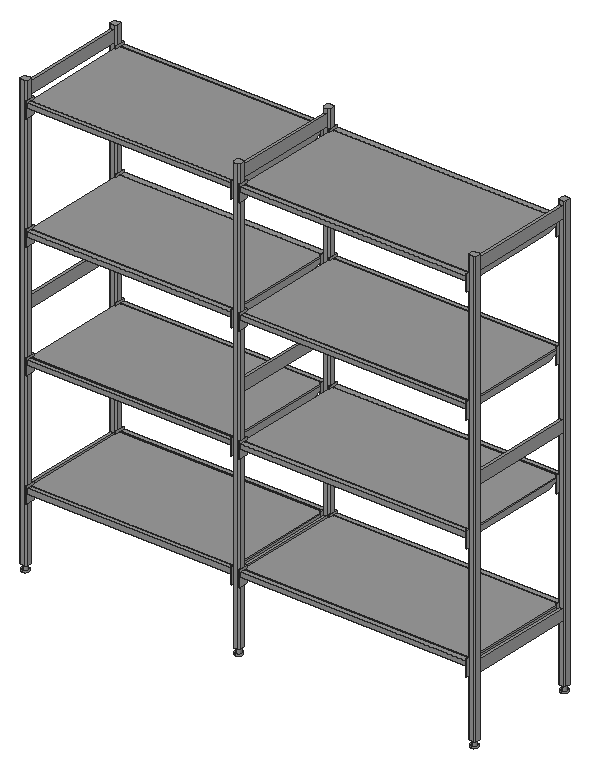
Revit family "QF_ELECTROLUXPROFESSIONAL_137041_BLS1784", category Attrezzature speciali, Revit 2020
Family settings
  Quota connettore circolare = Usa diametro
  Tipo di parte = Normale
  Basato su piano di lavoro = No
  Sempre verticale = Sì
  Taglio con vuoti quando caricato = No
  Condiviso = No
  Punto di calcolo locali = No
Parameters (values of type "Standard")
  Weight = 35.00 kg
  Watts = 0 W
  Volts = 0 V
  URL Manufacturer = "https://www.electroluxprofessional.com/"
  URL = "https://www.electroluxprofessional.com/"
  Steam Supply Size = 0 mm
  Steam Supply Minimum Pressure = 0.0 Pa
  Steam Supply Maximum Pressure = 0.0 Pa
  Steam Consumption per Hour = 0
  Refrigeration Suction Line Size = 0.0 mm
  Refrigeration Liquid Line Size = 0.0 mm
  Refrigerant Compressor Remote = yes
  Prospetto di default = 0.0 mm
  Phase = 0
  Modello = "BLS1784"
  Produttore = "Electrolux Professional"
  Length Actual = 1784.0 mm  # constant formula
  Item Number = "137041"
  Hot Water Size = 0 mm
  Height Actual = 1700.0 mm  # constant formula
  HP = "0 HP"
  Gas Size = 0 mm
  Gas KW = 0
  Gas Input Pressure = 0 W
  Direct Waste Size = 0 mm
  Descrizione = "ALUM.LINEAR SHELV.-POLY.TIERS-475X1784MM"
  Depth Actual = 475.0 mm  # constant formula
  Cycle = 0 Hz
  Condensate Return Size = 0 mm
  Compressed Air Volume = 0.0 L/s
  Compressed Air Size = 0 mm
  Compressed Air Pressure = 0.0 Pa
  Cold Water Size = 0 mm
  Accessory = yes
Reference planes
  plane 1: z = 0
  plane 2 "CenterLeft": x = -31
  plane 3 "LEFT": x = -417
  plane 4 "BACK": y = 23
  plane 5 "FRONT": y = -452
  plane 6 "TOP": z = 1700
  plane 7: x = -385
  plane 8: x = 413
  plane 9 "Center (Front/Back)": y = -214.5
  plane 10: y = -8.5
  plane 11: y = -420.5
  plane 12 "FEET": z = 25
  plane 13: z = 275
  plane 14: z = 725
  plane 15: z = 1175
  plane 16: z = 1625
  plane 17 "CXLeft": x = -403
  plane 18 "Center (Left/Right)": x = 431
  plane 19: y = 5.5
  plane 20 "CYBack": y = 5.5
  plane 21 "CYFront": y = -434.5
  plane 22 "RIGHT": x = 1367
  plane 23: x = 1335
  plane 24 "CXRight": x = 1353
  plane 25: x = 449
Forms (mm)
  Extrusion 1, solid, material "QF_Aluminum"
    sketch origin (-417, 0, -4.006) x (0, 1, 0) y (0, 0, 1)
      loop
        line (-12, 1637.003) -> (4, 1637.003) -> (4, 1655) -> (2.007, 1655) -> (2.007, 1648.501) -> (-431, 1648.501) -> (-431, 1655) -> (-433, 1655) -> (-433, 1637.003) -> (-417, 1637.003) -> (-383, 1625) -> (-46, 1625) -> (-12, 1637.003)
      loop
        line (-12, 1187.003) -> (4, 1187.003) -> (4, 1205) -> (2.007, 1205) -> (2.007, 1198.501) -> (-431, 1198.501) -> (-431, 1205) -> (-433, 1205) -> (-433, 1187.003) -> (-417, 1187.003) -> (-383, 1175) -> (-46, 1175) -> (-12, 1187.003)
      loop
        line (-12, 737.003) -> (4, 737.003) -> (4, 755) -> (2.007, 755) -> (2.007, 748.501) -> (-431, 748.501) -> (-431, 755) -> (-433, 755) -> (-433, 737.003) -> (-417, 737.003) -> (-383, 725) -> (-46, 725) -> (-12, 737.003)
      loop
        line (-12, 287.003) -> (4, 287.003) -> (4, 305) -> (2.007, 305) -> (2.007, 298.501) -> (-431, 298.501) -> (-431, 305) -> (-433, 305) -> (-433, 287.003) -> (-417, 287.003) -> (-383, 275) -> (-46, 275) -> (-12, 287.003)
    from 37 to 32
  Extrusion 2, solid, material "QF_Aluminum"
    sketch origin (-417, 0, 0) x (0, 1, 0) y (0, 0, 1)
      loop
        line (23, 246.005) -> (23, 307.993) -> (-12.993, 307.993) -> (-12.993, 246.005) -> (23, 246.005)
      loop
        line (-452, 246.005) -> (-416.007, 246.005) -> (-416.007, 307.993) -> (-452, 307.993) -> (-452, 246.005)
      loop
        line (23, 696.005) -> (23, 757.993) -> (-12.993, 757.993) -> (-12.993, 696.005) -> (23, 696.005)
      loop
        line (-452, 696.005) -> (-416.007, 696.005) -> (-416.007, 757.993) -> (-452, 757.993) -> (-452, 696.005)
      loop
        line (23, 1146.005) -> (23, 1207.993) -> (-12.993, 1207.993) -> (-12.993, 1146.005) -> (23, 1146.005)
      loop
        line (-452, 1146.005) -> (-416.007, 1146.005) -> (-416.007, 1207.993) -> (-452, 1207.993) -> (-452, 1146.005)
      loop
        line (23, 1596.005) -> (23, 1657.993) -> (-12.993, 1657.993) -> (-12.993, 1596.005) -> (23, 1596.005)
      loop
        line (-452, 1596.005) -> (-416.007, 1596.005) -> (-416.007, 1657.993) -> (-452, 1657.993) -> (-452, 1596.005)
    from 28 to 32
  Extrusion 3, solid, material "QF_Aluminum"
    sketch origin (-417, 0, 0) x (0, 1, 0) y (0, 0, 1)
      loop
        line (4, 1650.994) -> (4, 1632.998) -> (23, 1632.998) -> (23, 1650.994) -> (4, 1650.994)
      loop
        line (-433, 1650.994) -> (-452, 1650.994) -> (-452, 1632.998) -> (-433, 1632.998) -> (-433, 1650.994)
      loop
        line (4, 1200.994) -> (4, 1182.998) -> (23, 1182.998) -> (23, 1200.994) -> (4, 1200.994)
      loop
        line (-433, 1200.994) -> (-452, 1200.994) -> (-452, 1182.998) -> (-433, 1182.998) -> (-433, 1200.994)
      loop
        line (4, 750.994) -> (4, 732.998) -> (23, 732.998) -> (23, 750.994) -> (4, 750.994)
      loop
        line (-433, 750.994) -> (-452, 750.994) -> (-452, 732.998) -> (-433, 732.998) -> (-433, 750.994)
      loop
        line (4, 300.994) -> (4, 282.998) -> (23, 282.998) -> (23, 300.994) -> (4, 300.994)
      loop
        line (-433, 300.994) -> (-452, 300.994) -> (-452, 282.998) -> (-433, 282.998) -> (-433, 300.994)
    from 32 to 830
  Extrusion 4, solid, material "QF_Polyethylene"
    sketch origin (-417, 0, 0) x (0, 1, 0) y (0, 0, 1)
      loop
        line (2.007, 1650.994) -> (-431, 1650.994) -> (-431, 1644.496) -> (2.007, 1644.496) -> (2.007, 1650.994)
      loop
        line (2.007, 1200.994) -> (-431, 1200.994) -> (-431, 1194.496) -> (2.007, 1194.496) -> (2.007, 1200.994)
      loop
        line (2.007, 750.994) -> (-431, 750.994) -> (-431, 744.496) -> (2.007, 744.496) -> (2.007, 750.994)
      loop
        line (2.007, 300.994) -> (-431, 300.994) -> (-431, 294.496) -> (2.007, 294.496) -> (2.007, 300.994)
    from 32 to 830
  Extrusion 5, solid, material "QF_Aluminum"
    sketch origin (1367, 0, 0) x (0, 1, 0) y (0, 0, 1)
      loop
        line (4, 1650.994) -> (4, 1632.998) -> (23, 1632.998) -> (23, 1650.994) -> (4, 1650.994)
      loop
        line (-433, 1650.994) -> (-452, 1650.994) -> (-452, 1632.998) -> (-433, 1632.998) -> (-433, 1650.994)
      loop
        line (4, 1200.994) -> (4, 1182.998) -> (23, 1182.998) -> (23, 1200.994) -> (4, 1200.994)
      loop
        line (-433, 1200.994) -> (-452, 1200.994) -> (-452, 1182.998) -> (-433, 1182.998) -> (-433, 1200.994)
      loop
        line (4, 750.994) -> (4, 732.998) -> (23, 732.998) -> (23, 750.994) -> (4, 750.994)
      loop
        line (-433, 750.994) -> (-452, 750.994) -> (-452, 732.998) -> (-433, 732.998) -> (-433, 750.994)
      loop
        line (4, 300.994) -> (4, 282.998) -> (23, 282.998) -> (23, 300.994) -> (4, 300.994)
      loop
        line (-433, 300.994) -> (-452, 300.994) -> (-452, 282.998) -> (-433, 282.998) -> (-433, 300.994)
    from -32 to -918
  Extrusion 6, solid, material "QF_Polyethylene"
    sketch origin (1367, 0, 0) x (0, 1, 0) y (0, 0, 1)
      loop
        line (2.007, 1650.994) -> (-431, 1650.994) -> (-431, 1644.496) -> (2.007, 1644.496) -> (2.007, 1650.994)
      loop
        line (2.007, 1200.994) -> (-431, 1200.994) -> (-431, 1194.496) -> (2.007, 1194.496) -> (2.007, 1200.994)
      loop
        line (2.007, 750.994) -> (-431, 750.994) -> (-431, 744.496) -> (2.007, 744.496) -> (2.007, 750.994)
      loop
        line (2.007, 300.994) -> (-431, 300.994) -> (-431, 294.496) -> (2.007, 294.496) -> (2.007, 300.994)
    from -32 to -918
Lines and regions (mm)
  symbolic lines
    curve 1: line (413, 4, 1700) -> (-385, 4, 1700)
    curve 2: line (-408, -8.5, 1700) -> (-408, -420.5, 1700)
    curve 3: line (-398, -420.5, 1700) -> (-398, -8.5, 1700)
    curve 4: line (-389, 23, 1700) -> (417, 23, 1700)
    curve 5: line (-385, -452, 1700) -> (413, -452, 1700)
    curve 6: line (445, 23, 1700) -> (1339, 23, 1700)
    curve 7: line (445, -452, 1700) -> (1339, -452, 1700)
    curve 8: line (-385, -433, 1700) -> (413, -433, 1700)
    curve 9: line (449, -433, 1700) -> (1335, -433, 1700)
    curve 10: line (449, 4, 1700) -> (1335, 4, 1700)
    curve 11: line (1335, -12.993, 1700) -> (1335, -416.007, 1700)
    curve 12: line (413, -12.993, 1700) -> (413, -416.007, 1700)
    curve 13: line (449, -416.007, 1700) -> (449, -12.993, 1700)
    curve 14: line (-385, -12.993, 1700) -> (-385, -416.007, 1700)
Dimensions and locks
  plane 3 "LEFT" to plane 2 "CenterLeft" = 386.0 mm
  locked: plane 6 "TOP" to level at 1700
  locked: plane 4 "BACK" to plane 5 "FRONT" at 475
  locked: plane 7 to plane 8 at 798
  locked: plane 10 to plane 11 at 412
  equal spacing: plane 10, plane 9 "Center (Front/Back)", plane 11
  equal spacing: plane 4 "BACK", plane 9 "Center (Front/Back)", plane 5 "FRONT"
  plane 12 "FEET" to level = 25.0 mm
  plane 6 "TOP" to plane 12 "FEET" = 1675.0 mm
  plane 13 to plane 12 "FEET" = 250.0 mm
  plane 14 to plane 13 = 450.0 mm
  plane 15 to plane 14 = 450.0 mm
  plane 16 to plane 15 = 450.0 mm
  locked: plane 4 "BACK" to plane 20 "CYBack" at 17.5
  locked: plane 21 "CYFront" to plane 5 "FRONT" at 17.5
  locked: plane 4 "BACK" to Extrusion 1 at 19
  locked: Extrusion 1 to plane 5 "FRONT" at 19
  Extrusion 1 sketch curve to plane 21 "CYFront" = 3.5 mm
  plane 3 "LEFT" to plane 22 "RIGHT" = 1784.0 mm
  locked: plane 25 to plane 23 at 886
  locked: plane 8 to plane 18 "Center (Left/Right)" at 18
  locked: plane 18 "Center (Left/Right)" to plane 25 at 18
  locked: plane 3 "LEFT" to plane 7 at 32
  locked: plane 24 "CXRight" to plane 22 "RIGHT" at 14
  aligned and locked: level to plane 1
  aligned and locked: plane 7 to Extrusion 1
  aligned and locked: Extrusion 2 to plane 7
  aligned and locked: plane 7 to Extrusion 4
  aligned and locked: Extrusion 4 to plane 8
  aligned and locked: plane 7 to Extrusion 3
  aligned and locked: Extrusion 3 to plane 8
  aligned and locked: Extrusion 3 sketch curve to Extrusion 1
  aligned and locked: Extrusion 1 to Extrusion 3 sketch curve
  aligned and locked: Extrusion 3 sketch curve to Extrusion 3 sketch curve  (x2)
  aligned and locked: Extrusion 1 sketch curve to Extrusion 1 sketch curve  (x3)
  aligned and locked: Extrusion 4 sketch curve to Extrusion 1  (x4)
  aligned and locked: Extrusion 5 sketch curve to Extrusion 5 sketch curve  (x2)
  aligned and locked: Extrusion 5 to plane 25
  aligned and locked: Extrusion 6 to plane 25
  aligned and locked: nested 3 to plane 18 "Center (Left/Right)"
  aligned and locked: nested 1 to plane 17 "CXLeft"
  aligned and locked: Extrusion 3 to plane 7  (x3)
  aligned and locked: plane 8 to Extrusion 3  (x4)
  aligned and locked: plane 25 to Extrusion 5  (x4)
  aligned and locked: plane 25 to Extrusion 6  (x4)
  aligned and locked: plane 8 to Extrusion 4  (x4)
  aligned and locked: nested 2 to plane 24 "CXRight"
  aligned and locked: Extrusion 5 to plane 23
  aligned and locked: Extrusion 6 to plane 23
  aligned and locked: plane 23 to Extrusion 5  (x3)
  aligned and locked: plane 23 to Extrusion 6  (x3)
Automatic sketch dimensions
  plane 21 "CYFront" to Extrusion 1 sketch curve = 1.5 mm  (x4)
  plane 11 to Extrusion 1 sketch curve = 3.5 mm  (x4)
  Extrusion 1 sketch curve to plane 13 = 4.006 mm
  Extrusion 1 sketch curve to Extrusion 1 sketch curve = 34.0 mm  (x4)
  Extrusion 1 sketch curve to plane 14 = 4.006 mm
  Extrusion 1 sketch curve to plane 15 = 4.006 mm
  Extrusion 1 sketch curve to plane 16 = 4.006 mm
  Extrusion 1 sketch curve to plane 10 = 37.5 mm  (x4)
  Extrusion 1 sketch curve to plane 10 = 3.5 mm  (x4)
  plane 19 to Extrusion 1 sketch curve = 3.493 mm  (x4)
  plane 19 to Extrusion 1 sketch curve = 1.5 mm  (x4)
  plane 13 to Extrusion 1 sketch curve = 7.998 mm  (x2)
  Extrusion 1 sketch curve to Extrusion 1 sketch curve = 11.498 mm  (x4)
  Extrusion 1 sketch curve to Extrusion 1 sketch curve = 6.499 mm  (x8)
  plane 14 to Extrusion 1 sketch curve = 7.998 mm  (x2)
  plane 15 to Extrusion 1 sketch curve = 7.998 mm  (x2)
  plane 16 to Extrusion 1 sketch curve = 7.998 mm  (x2)
  Extrusion 2 sketch curve to plane 5 "FRONT" = 0.0 mm  (x4)
  Extrusion 2 sketch curve to plane 4 "BACK" = 0.0 mm  (x4)
  plane 11 to Extrusion 2 sketch curve = 4.493 mm  (x4)
  Extrusion 2 sketch curve to plane 10 = 4.493 mm  (x4)
  Extrusion 2 sketch curve to plane 13 = 28.995 mm  (x2)
  plane 13 to Extrusion 2 sketch curve = 32.993 mm  (x2)
  Extrusion 2 sketch curve to plane 14 = 28.995 mm  (x2)
  plane 14 to Extrusion 2 sketch curve = 32.993 mm  (x2)
  Extrusion 2 sketch curve to plane 15 = 28.995 mm  (x2)
  plane 15 to Extrusion 2 sketch curve = 32.993 mm  (x2)
  Extrusion 2 sketch curve to plane 16 = 28.995 mm  (x2)
  plane 16 to Extrusion 2 sketch curve = 32.993 mm  (x2)
  Extrusion 3 sketch curve to plane 5 "FRONT" = 0.0 mm  (x4)
  Extrusion 3 sketch curve to plane 4 "BACK" = 0.0 mm  (x4)
  plane 19 to Extrusion 3 sketch curve = 1.5 mm  (x4)
  plane 13 to Extrusion 3 sketch curve = 7.998 mm  (x2)
  Extrusion 3 sketch curve to Extrusion 3 sketch curve = 17.997 mm  (x8)
  plane 14 to Extrusion 3 sketch curve = 7.998 mm  (x2)
  plane 15 to Extrusion 3 sketch curve = 7.998 mm  (x2)
  plane 16 to Extrusion 3 sketch curve = 7.998 mm  (x2)
  plane 19 to Extrusion 4 sketch curve = 3.493 mm  (x4)
  plane 13 to Extrusion 4 sketch curve = 19.496 mm
  Extrusion 4 sketch curve to Extrusion 4 sketch curve = 6.499 mm  (x4)
  plane 14 to Extrusion 4 sketch curve = 19.496 mm
  plane 15 to Extrusion 4 sketch curve = 19.496 mm
  plane 16 to Extrusion 4 sketch curve = 19.496 mm
  Extrusion 5 sketch curve to plane 5 "FRONT" = 0.0 mm  (x4)
  Extrusion 5 sketch curve to plane 4 "BACK" = 0.0 mm  (x4)
  plane 21 "CYFront" to Extrusion 5 sketch curve = 1.5 mm  (x2)
  plane 19 to Extrusion 5 sketch curve = 1.5 mm  (x4)
  plane 13 to Extrusion 5 sketch curve = 7.998 mm  (x2)
  Extrusion 5 sketch curve to Extrusion 5 sketch curve = 17.997 mm  (x8)
  plane 14 to Extrusion 5 sketch curve = 7.998 mm  (x2)
  plane 15 to Extrusion 5 sketch curve = 7.998 mm  (x2)
  plane 16 to Extrusion 5 sketch curve = 7.998 mm  (x2)
  plane 21 "CYFront" to Extrusion 6 sketch curve = 3.5 mm  (x4)
  plane 19 to Extrusion 6 sketch curve = 3.493 mm  (x4)
  plane 13 to Extrusion 6 sketch curve = 19.496 mm
  Extrusion 6 sketch curve to Extrusion 6 sketch curve = 6.499 mm  (x4)
  plane 14 to Extrusion 6 sketch curve = 19.496 mm
  plane 15 to Extrusion 6 sketch curve = 19.496 mm
  plane 16 to Extrusion 6 sketch curve = 19.496 mm
  curve 7 to plane 5 "FRONT" = 0.0 mm
  curve 5 to plane 5 "FRONT" = 0.0 mm
  curve 8 to plane 8 = 0.0 mm
  curve 9 to plane 25 = 0.0 mm
  curve 9 to plane 23 = 0.0 mm
  curve 8 to plane 7 = 0.0 mm
  curve 2 to plane 11 = 0.0 mm
  curve 3 to plane 11 = 0.0 mm
  curve 14 to plane 7 = 0.0 mm
  curve 13 to plane 25 = 0.0 mm
  curve 12 to plane 8 = 0.0 mm
  curve 11 to plane 23 = 0.0 mm
  curve 3 to plane 10 = 0.0 mm
  curve 2 to plane 10 = 0.0 mm
  curve 1 to plane 8 = 0.0 mm
  curve 1 to plane 7 = 0.0 mm
  curve 10 to plane 23 = 0.0 mm
  curve 10 to plane 25 = 0.0 mm
  curve 4 to plane 4 "BACK" = 0.0 mm
  curve 6 to plane 4 "BACK" = 0.0 mm
  curve 5 to plane 8 = 0.0 mm
  curve 5 to plane 7 = 0.0 mm
  plane 21 "CYFront" to curve 8 = 1.5 mm
  plane 21 "CYFront" to curve 9 = 1.5 mm
  plane 11 to curve 14 = 4.493 mm
  plane 11 to curve 13 = 4.493 mm
  plane 11 to curve 12 = 4.493 mm
  plane 11 to curve 11 = 4.493 mm
  curve 14 to plane 10 = 4.493 mm
  curve 13 to plane 10 = 4.493 mm
  curve 12 to plane 10 = 4.493 mm
  curve 11 to plane 10 = 4.493 mm
  plane 19 to curve 1 = 1.5 mm
  plane 19 to curve 10 = 1.5 mm
  curve 6 to plane 23 = 4.0 mm
  curve 7 to plane 23 = 4.0 mm
  curve 6 to plane 25 = 4.0 mm
  curve 7 to plane 25 = 4.0 mm
  curve 4 to plane 8 = 4.0 mm
  plane 7 to curve 4 = 4.0 mm
  plane 17 "CXLeft" to curve 3 = 5.0 mm
  curve 2 to plane 17 "CXLeft" = 5.0 mm
Nested families
  nested 1: "WT_Anta475" at (0, 0, 0), type "WT_Anta475"
  nested 2: "WT_Anta475" at (950, 0, 0) x (-1, 0, 0) z (0, 0, 1), type "WT_Anta475"
  nested 3: "WT_Anta475Center" at (834, 0, 0), type "WT_Anta475Center"
Definition of nested family "WT_Anta475"
  Parameters
    WidthLeft = A + 64.0 mm  # 772.0 mm
    Width = 1606.0 mm
    Right = WidthLeft / 2  # 386.0 mm
    Default Elevation = 0.0 mm
    Left = -WidthLeft / 2  # -386.0 mm
    Height = 1725.0 mm
    FEET = 25.0 mm
    E = 0.0 mm
    Dint = Depth - 63.0 mm  # 412.0 mm
    Dext = Depth - 8.0 mm  # 467.0 mm
    Depth = 475.0 mm
    DX = (WidthLeft - A) / 2  # 32.0 mm
    B = 798.0 mm
    A = 708.0 mm
  Reference planes
    plane 1: z = 0
    plane 2 "LEFT": x = -417
    plane 3 "BACK": y = 23
    plane 4 "FRONT": y = -452
    plane 5 "TOP": z = 1725
    plane 6 "Center (Front/Back)": y = -214.5
    plane 7: y = -8.5
    plane 8: y = -420.5
    plane 9 "FEET": z = 25
    plane 10: z = 275
    plane 11: z = 725
    plane 12: z = 1175
    plane 13: z = 1625
    plane 14 "CXLeft": x = -403
    plane 15: y = 5.5
    plane 16 "CYBack": y = 5.5
    plane 17 "CYFront": y = -434.5
    plane 18: x = -385.031
    plane 19: x = -380.031
  Forms (mm)
    Extrusion 1, solid
      sketch origin (0, 0, 0) x (1, 0, 0) y (0, 1, 0)
        loop
          line (-417, 13.246) -> (-417, -2.246) -> (-410.746, -8.5) -> (-395.254, -8.5) -> (-389, -2.246) -> (-389, 13.246) -> (-395.254, 19.5) -> (-410.746, 19.5) -> (-417, 13.246)
      from 1725 to 25
    Extrusion 2, solid
      sketch origin (-417, 0, 0) x (0, 1, 0) y (0, 0, 1)
        loop
          line (23, 246.005) -> (23, 307.993) -> (-12.993, 307.993) -> (-12.993, 246.005) -> (23, 246.005)
        loop
          line (-452, 246.005) -> (-416.007, 246.005) -> (-416.007, 307.993) -> (-452, 307.993) -> (-452, 246.005)
        loop
          line (23, 696.005) -> (23, 757.993) -> (-12.993, 757.993) -> (-12.993, 696.005) -> (23, 696.005)
        loop
          line (-452, 696.005) -> (-416.007, 696.005) -> (-416.007, 757.993) -> (-452, 757.993) -> (-452, 696.005)
        loop
          line (23, 1146.005) -> (23, 1207.993) -> (-12.993, 1207.993) -> (-12.993, 1146.005) -> (23, 1146.005)
        loop
          line (-452, 1146.005) -> (-416.007, 1146.005) -> (-416.007, 1207.993) -> (-452, 1207.993) -> (-452, 1146.005)
        loop
          line (23, 1596.005) -> (23, 1657.993) -> (-12.993, 1657.993) -> (-12.993, 1596.005) -> (23, 1596.005)
        loop
          line (-452, 1596.005) -> (-416.007, 1596.005) -> (-416.007, 1657.993) -> (-452, 1657.993) -> (-452, 1596.005)
      from 28 to 32
    Revolve 3, solid
      sketch origin (-403, 0, 0) x (0, 1, 0) y (0, 0, 1)
        loop
          line (5.5, 25) -> (5.5, 0) -> (19, 0) -> (19, 5) -> (14, 5) -> (14, 25) -> (5.5, 25)
        axis (5.5, 25) -> (5.5, 0)
      angle from 0 to 360
    Extrusion 4, solid
      sketch origin (-403, 0, 0) x (0, 1, 0) y (0, 0, 1)
        loop
          line (-8.5, 912.382) -> (-8.5, 957.374) -> (-420.5, 957.374) -> (-420.5, 912.382) -> (-8.5, 912.382)
        loop
          line (-8.5, 1662.244) -> (-8.5, 1707.236) -> (-420.5, 1707.236) -> (-420.5, 1662.244) -> (-8.5, 1662.244)
      from -5 to 5
    Revolve 5, solid
      sketch origin (-403, -627, 0) x (0, -1, 0) y (0, 0, 1)
        loop
          line (-192.5, 25) -> (-192.5, 0) -> (-179, 0) -> (-179, 5) -> (-184, 5) -> (-184, 25) -> (-192.5, 25)
        axis (-192.5, 25) -> (-192.5, 0)
      angle from 0 to 360
    Extrusion 6, solid
      sketch origin (0, -627, 0) x (1, 0, 0) y (0, 1, 0)
        loop
          line (-417, 184.754) -> (-410.746, 178.5) -> (-395.254, 178.5) -> (-389, 184.754) -> (-389, 200.246) -> (-395.254, 206.5) -> (-410.746, 206.5) -> (-417, 200.246) -> (-417, 184.754)
      from 1725 to 25
    Extrusion 7, solid
      sketch origin (-417.031, -0.022, 0) x (0, 1, 0) y (0, 0, -1)
        loop
          line (-12, -1632.998) -> (-46, -1620.994) -> (-383, -1620.994) -> (-417, -1632.998) -> (-433, -1632.998) -> (-433, -1650.994) -> (-431, -1650.994) -> (-431, -1644.496) -> (2.007, -1644.496) -> (2.007, -1650.994) -> (4, -1650.994) -> (4, -1632.998) -> (-12, -1632.998)
        loop
          line (-12, -1182.998) -> (-46, -1170.994) -> (-383, -1170.994) -> (-417, -1182.998) -> (-433, -1182.998) -> (-433, -1200.994) -> (-431, -1200.994) -> (-431, -1194.496) -> (2.007, -1194.496) -> (2.007, -1200.994) -> (4, -1200.994) -> (4, -1182.998) -> (-12, -1182.998)
        loop
          line (-12, -732.998) -> (-46, -720.994) -> (-383, -720.994) -> (-417, -732.998) -> (-433, -732.998) -> (-433, -750.994) -> (-431, -750.994) -> (-431, -744.496) -> (2.007, -744.496) -> (2.007, -750.994) -> (4, -750.994) -> (4, -732.998) -> (-12, -732.998)
        loop
          line (-12, -282.998) -> (-46, -270.994) -> (-383, -270.994) -> (-417, -282.998) -> (-433, -282.998) -> (-433, -300.994) -> (-431, -300.994) -> (-431, -294.496) -> (2.007, -294.496) -> (2.007, -300.994) -> (4, -300.994) -> (4, -282.998) -> (-12, -282.998)
      from -32 to -37
    Extrusion 8, solid
      sketch origin (-403, 0, -659.878) x (0, 1, 0) y (0, 0, 1)
        loop
          line (-8.5, 912.382) -> (-8.5, 957.374) -> (-420.5, 957.374) -> (-420.5, 912.382) -> (-8.5, 912.382)
        loop
          line (-8.5, 1572.382) -> (-8.5, 1617.374) -> (-420.5, 1617.374) -> (-420.5, 1572.382) -> (-8.5, 1572.382)
        loop
          line (-8.5, 2322.382) -> (-8.5, 2367.374) -> (-420.5, 2367.374) -> (-420.5, 2322.382) -> (-8.5, 2322.382)
      from -5 to 5
  Lines and regions (mm)
    symbolic lines
      curve 1: line (-408, -8.5, 1725) -> (-408, -420.5, 1725)
      curve 2: line (-398, -420.5, 1725) -> (-398, -8.5, 1725)
      curve 3: line (-395.254, -8.5, 1725) -> (-410.746, -8.5, 1725)
      curve 4: line (-417, -2.246, 1725) -> (-410.746, -8.5, 1725)
      curve 5: line (-417, 13.246, 1725) -> (-417, -2.246, 1725)
      curve 6: line (-410.746, 19.5, 1725) -> (-417, 13.246, 1725)
      curve 7: line (-395.254, 19.5, 1725) -> (-410.746, 19.5, 1725)
      curve 8: line (-389, 13.246, 1725) -> (-395.254, 19.5, 1725)
      curve 9: line (-395.254, -8.5, 1725) -> (-389, -2.246, 1725)
      curve 10: line (-395.254, -420.5, 1725) -> (-410.746, -420.5, 1725)
      curve 11: line (-417, -426.754, 1725) -> (-410.746, -420.5, 1725)
      curve 12: line (-410.746, -448.5, 1725) -> (-417, -442.246, 1725)
      curve 13: line (-395.254, -448.5, 1725) -> (-410.746, -448.5, 1725)
      curve 14: line (-389, -442.246, 1725) -> (-395.254, -448.5, 1725)
      curve 15: line (-395.254, -420.5, 1725) -> (-389, -426.754, 1725)
      curve 16: line (-389, -452, 1725) -> (-389, -416.007, 1725)
      curve 17: line (-389, -416.007, 1725) -> (-385, -416.007, 1725)
      curve 18: line (-389, 23, 1725) -> (-389, -12.993, 1725)
      curve 19: line (-389, -12.993, 1725) -> (-385, -12.993, 1725)
      curve 20: line (-417, -426.754, 1725) -> (-417, -442.246, 1725)
      curve 21: line (-385, -452, 1725) -> (-385, -416.007, 1725)
      curve 22: line (-385, -452, 1725) -> (-389, -452, 1725)
      curve 23: line (-385, 23, 1725) -> (-389, 23, 1725)
      curve 24: line (-385, -12.993, 1725) -> (-385, 23, 1725)
      curve 25: line (-385.031, -13.016, 1725) -> (-385.031, -416.029, 1725)
  Dimensions and locks
    "Height": plane 5 "TOP" to level
    "Depth": plane 3 "BACK" to plane 4 "FRONT"
    "Dint": plane 7 to plane 8
    equal spacing: plane 7, plane 6 "Center (Front/Back)", plane 8
    equal spacing: plane 3 "BACK", plane 6 "Center (Front/Back)", plane 4 "FRONT"
    plane 9 "FEET" to level = 25.0 mm
    plane 5 "TOP" to plane 9 "FEET" = 1700.0 mm
    plane 10 to plane 9 "FEET" = 250.0 mm
    plane 11 to plane 10 = 450.0 mm
    plane 12 to plane 11 = 450.0 mm
    plane 13 to plane 12 = 450.0 mm
    locked: plane 2 "LEFT" to plane 14 "CXLeft" at 14
    locked: plane 3 "BACK" to plane 16 "CYBack" at 17.5
    locked: plane 17 "CYFront" to plane 4 "FRONT" at 17.5
    locked: Revolve 3 sketch curve to Revolve 3 sketch curve at 8.5
    locked: Revolve 3 sketch curve to plane 16 "CYBack" at 13.5
    locked: Revolve 5 sketch curve to Revolve 5 sketch curve at 8.5
    aligned and locked: level to plane 1
    aligned and locked: curve 20 to Extrusion 6
    aligned and locked: plane 5 "TOP" to Extrusion 1
    aligned and locked: plane 5 "TOP" to Extrusion 6
    aligned and locked: Extrusion 7 sketch curve to Extrusion 7 sketch curve  (x3)
  Automatic sketch dimensions
    curve 16 to plane 4 "FRONT" = 0.0 mm
    curve 11 to plane 8 = 0.0 mm
    curve 9 to plane 7 = 0.0 mm
    curve 5 to plane 2 "LEFT" = 0.0 mm
    curve 23 to plane 3 "BACK" = 0.0 mm
    plane 4 "FRONT" to curve 13 = 3.5 mm
    curve 20 to plane 17 "CYFront" = 7.746 mm
    curve 20 to plane 8 = 6.254 mm
    plane 8 to curve 16 = 4.493 mm
    curve 24 to plane 18 = 0.031 mm
    curve 24 to plane 7 = 4.493 mm
    plane 7 to curve 5 = 6.254 mm
    curve 5 to plane 15 = 7.746 mm
    curve 6 to plane 3 "BACK" = 3.5 mm
    curve 21 to plane 18 = 0.031 mm
    plane 18 to curve 23 = 3.969 mm
    plane 18 to curve 16 = 3.969 mm
    curve 18 to curve 8 = 6.254 mm
    curve 18 to curve 3 = 6.254 mm
    curve 16 to curve 13 = 6.254 mm
    curve 16 to curve 15 = 6.254 mm
    plane 2 "LEFT" to curve 10 = 6.254 mm
    plane 2 "LEFT" to curve 7 = 6.254 mm
    plane 2 "LEFT" to curve 12 = 6.254 mm
    plane 2 "LEFT" to curve 3 = 6.254 mm
    curve 14 to plane 17 "CYFront" = 7.746 mm
    curve 15 to plane 8 = 6.254 mm
    plane 7 to curve 9 = 6.254 mm
    curve 8 to plane 15 = 7.746 mm
    curve 3 to curve 2 = 2.746 mm
    curve 1 to curve 10 = 2.746 mm
    Extrusion 1 sketch curve to plane 2 "LEFT" = 0.0 mm
    Extrusion 1 sketch curve to plane 7 = 0.0 mm
    plane 2 "LEFT" to Extrusion 1 sketch curve = 6.254 mm  (x2)
    plane 14 "CXLeft" to Extrusion 1 sketch curve = 7.746 mm  (x2)
    Extrusion 1 sketch curve to plane 3 "BACK" = 3.5 mm
    plane 18 to Extrusion 1 sketch curve = 3.969 mm
    plane 7 to Extrusion 1 sketch curve = 6.254 mm  (x2)
    Extrusion 1 sketch curve to plane 15 = 7.746 mm  (x2)
    Extrusion 2 sketch curve to plane 4 "FRONT" = 0.0 mm  (x4)
    Extrusion 2 sketch curve to plane 3 "BACK" = 0.0 mm  (x4)
    plane 8 to Extrusion 2 sketch curve = 4.493 mm  (x4)
    Extrusion 2 sketch curve to plane 7 = 4.493 mm  (x4)
    Extrusion 2 sketch curve to plane 10 = 28.995 mm  (x2)
    plane 10 to Extrusion 2 sketch curve = 32.993 mm  (x2)
    Extrusion 2 sketch curve to plane 11 = 28.995 mm  (x2)
    plane 11 to Extrusion 2 sketch curve = 32.993 mm  (x2)
    Extrusion 2 sketch curve to plane 12 = 28.995 mm  (x2)
    plane 12 to Extrusion 2 sketch curve = 32.993 mm  (x2)
    Extrusion 2 sketch curve to plane 13 = 28.995 mm  (x2)
    plane 13 to Extrusion 2 sketch curve = 32.993 mm  (x2)
    Revolve 3 sketch curve to plane 9 "FEET" = 0.0 mm  (x2)
    Revolve 3 sketch curve to plane 15 = 0.0 mm  (x2)
    Revolve 3 sketch curve to level = 0.0 mm
    level to Revolve 3 sketch curve = 5.0 mm
    Revolve 3 sketch curve to Revolve 3 sketch curve = 11.655 mm
    Extrusion 4 sketch curve to plane 8 = 0.0 mm  (x2)
    Extrusion 4 sketch curve to plane 7 = 0.0 mm  (x2)
    plane 11 to Extrusion 4 sketch curve = 187.382 mm
    Extrusion 4 sketch curve to Extrusion 4 sketch curve = 44.992 mm
    plane 13 to Extrusion 4 sketch curve = 37.244 mm
    Extrusion 4 sketch curve to plane 5 "TOP" = 17.764 mm
    Revolve 5 sketch curve to plane 9 "FEET" = 0.0 mm  (x2)
    Revolve 5 sketch curve to plane 17 "CYFront" = 0.0 mm  (x2)
    Revolve 5 sketch curve to level = 0.0 mm
    Revolve 5 sketch curve to plane 4 "FRONT" = 4.0 mm
    Revolve 5 sketch curve to Revolve 5 sketch curve = 5.0 mm
    level to Revolve 5 sketch curve = 11.655 mm
    Extrusion 6 sketch curve to plane 2 "LEFT" = 0.0 mm
    Extrusion 6 sketch curve to plane 8 = 0.0 mm
    Extrusion 6 sketch curve to plane 2 "LEFT" = 6.254 mm  (x2)
    Extrusion 6 sketch curve to plane 14 "CXLeft" = 7.746 mm  (x2)
    Extrusion 6 sketch curve to plane 4 "FRONT" = 3.5 mm
    Extrusion 6 sketch curve to plane 18 = 3.969 mm
    plane 8 to Extrusion 6 sketch curve = 6.254 mm  (x2)
    plane 17 "CYFront" to Extrusion 6 sketch curve = 7.746 mm  (x2)
    plane 17 "CYFront" to Extrusion 7 sketch curve = 1.478 mm  (x4)
    Extrusion 7 sketch curve to Extrusion 7 sketch curve = 2.0 mm
    plane 8 to Extrusion 7 sketch curve = 3.478 mm  (x4)
    Extrusion 7 sketch curve to plane 10 = 4.006 mm
    Extrusion 7 sketch curve to Extrusion 7 sketch curve = 34.0 mm  (x4)
    Extrusion 7 sketch curve to plane 11 = 4.006 mm
    Extrusion 7 sketch curve to plane 12 = 4.006 mm
    Extrusion 7 sketch curve to plane 13 = 4.006 mm
    Extrusion 7 sketch curve to plane 7 = 37.522 mm  (x4)
    Extrusion 7 sketch curve to plane 7 = 3.522 mm  (x4)
    plane 15 to Extrusion 7 sketch curve = 3.516 mm  (x4)
    plane 15 to Extrusion 7 sketch curve = 1.522 mm  (x4)
    plane 13 to Extrusion 7 sketch curve = 7.998 mm  (x2)
    Extrusion 7 sketch curve to Extrusion 7 sketch curve = 11.498 mm
    Extrusion 7 sketch curve to Extrusion 7 sketch curve = 6.499 mm  (x5)
    plane 12 to Extrusion 7 sketch curve = 25.994 mm  (x2)
    plane 12 to Extrusion 7 sketch curve = 7.998 mm  (x2)
    plane 11 to Extrusion 7 sketch curve = 25.994 mm  (x2)
    plane 11 to Extrusion 7 sketch curve = 7.998 mm  (x2)
    plane 10 to Extrusion 7 sketch curve = 25.994 mm  (x2)
    plane 10 to Extrusion 7 sketch curve = 7.998 mm  (x2)
    curve 25 to plane 18 = 0.0 mm
    plane 8 to curve 25 = 4.471 mm
    curve 25 to plane 7 = 4.516 mm
    Extrusion 8 sketch curve to plane 8 = 0.0 mm  (x3)
    Extrusion 8 sketch curve to plane 7 = 0.0 mm  (x3)
    Extrusion 8 sketch curve to plane 10 = 22.496 mm
    plane 10 to Extrusion 8 sketch curve = 22.496 mm
    plane 11 to Extrusion 8 sketch curve = 187.504 mm
    Extrusion 8 sketch curve to Extrusion 8 sketch curve = 44.992 mm
    plane 13 to Extrusion 8 sketch curve = 37.504 mm
    Extrusion 8 sketch curve to plane 5 "TOP" = 17.504 mm
Definition of nested family "WT_Anta475Center"
  Parameters
    WidthLeft = A + 64.0 mm  # 772.0 mm
    Width = 1606.0 mm
    Right = WidthLeft / 2  # 386.0 mm
    Default Elevation = 0.0 mm
    Left = -WidthLeft / 2  # -386.0 mm
    Height = 1725.0 mm
    FEET = 25.0 mm
    E = 0.0 mm
    Dint = Depth - 63.0 mm  # 412.0 mm
    Dext = Depth - 8.0 mm  # 467.0 mm
    Depth = 475.0 mm
    DX = (WidthLeft - A) / 2  # 32.0 mm
    B = 798.0 mm
    A = 708.0 mm
  Reference planes
    plane 1: z = 0
    plane 2 "L": x = -417
    plane 3 "BACK": y = 23
    plane 4 "FRONT": y = -452
    plane 5 "TOP": z = 1725
    plane 6 "Center (Front/Back)": y = -214.5
    plane 7: y = -8.5
    plane 8: y = -420.5
    plane 9 "FEET": z = 25
    plane 10: z = 275
    plane 11: z = 725
    plane 12: z = 1175
    plane 13: z = 1625
    plane 14 "CXLeft": x = -403
    plane 15: y = 5.5
    plane 16 "CYBack": y = 5.5
    plane 17 "CYFront": y = -434.5
    plane 18: x = -385.031
    plane 19 "RIGHT": x = -380.031
    plane 20: x = -420.969
    plane 21 "LEFT": x = -425.969
  Forms (mm)
    Extrusion 1, solid
      sketch origin (0, 0, 0) x (1, 0, 0) y (0, 1, 0)
        loop
          line (-417, 13.246) -> (-417, -2.246) -> (-410.746, -8.5) -> (-395.254, -8.5) -> (-389, -2.246) -> (-389, 13.246) -> (-395.254, 19.5) -> (-410.746, 19.5) -> (-417, 13.246)
      from 1725 to 25
    Extrusion 2, solid
      sketch origin (-417, 0, 0) x (0, 1, 0) y (0, 0, 1)
        loop
          line (23, 246.005) -> (23, 307.993) -> (-12.993, 307.993) -> (-12.993, 246.005) -> (23, 246.005)
        loop
          line (-452, 246.005) -> (-416.007, 246.005) -> (-416.007, 307.993) -> (-452, 307.993) -> (-452, 246.005)
        loop
          line (23, 696.005) -> (23, 757.993) -> (-12.993, 757.993) -> (-12.993, 696.005) -> (23, 696.005)
        loop
          line (-452, 696.005) -> (-416.007, 696.005) -> (-416.007, 757.993) -> (-452, 757.993) -> (-452, 696.005)
        loop
          line (23, 1146.005) -> (23, 1207.993) -> (-12.993, 1207.993) -> (-12.993, 1146.005) -> (23, 1146.005)
        loop
          line (-452, 1146.005) -> (-416.007, 1146.005) -> (-416.007, 1207.993) -> (-452, 1207.993) -> (-452, 1146.005)
        loop
          line (23, 1596.005) -> (23, 1657.993) -> (-12.993, 1657.993) -> (-12.993, 1596.005) -> (23, 1596.005)
        loop
          line (-452, 1596.005) -> (-416.007, 1596.005) -> (-416.007, 1657.993) -> (-452, 1657.993) -> (-452, 1596.005)
      from 28 to 32
    Revolve 3, solid
      sketch origin (-403, 0, 0) x (0, 1, 0) y (0, 0, 1)
        loop
          line (5.5, 25) -> (5.5, 0) -> (19, 0) -> (19, 5) -> (14, 5) -> (14, 25) -> (5.5, 25)
        axis (5.5, 25) -> (5.5, 0)
      angle from 0 to 360
    Extrusion 4, solid
      sketch origin (-403, 0, 0) x (0, 1, 0) y (0, 0, 1)
        loop
          line (-8.5, 912.382) -> (-8.5, 957.374) -> (-420.5, 957.374) -> (-420.5, 912.382) -> (-8.5, 912.382)
        loop
          line (-8.5, 1662.244) -> (-8.5, 1707.236) -> (-420.5, 1707.236) -> (-420.5, 1662.244) -> (-8.5, 1662.244)
      from -5 to 5
    Revolve 5, solid
      sketch origin (-403, -627, 0) x (0, -1, 0) y (0, 0, 1)
        loop
          line (-192.5, 25) -> (-192.5, 0) -> (-179, 0) -> (-179, 5) -> (-184, 5) -> (-184, 25) -> (-192.5, 25)
        axis (-192.5, 25) -> (-192.5, 0)
      angle from 0 to 360
    Extrusion 6, solid
      sketch origin (0, -627, 0) x (1, 0, 0) y (0, 1, 0)
        loop
          line (-417, 184.754) -> (-410.746, 178.5) -> (-395.254, 178.5) -> (-389, 184.754) -> (-389, 200.246) -> (-395.254, 206.5) -> (-410.746, 206.5) -> (-417, 200.246) -> (-417, 184.754)
      from 1725 to 25
    Extrusion 7, solid
      sketch origin (-417.031, -0.022, 0) x (0, 1, 0) y (0, 0, -1)
        loop
          line (-12, -1632.998) -> (-46, -1620.994) -> (-383, -1620.994) -> (-417, -1632.998) -> (-433, -1632.998) -> (-433, -1650.994) -> (-431, -1650.994) -> (-431, -1644.496) -> (2.007, -1644.496) -> (2.007, -1650.994) -> (4, -1650.994) -> (4, -1632.998) -> (-12, -1632.998)
        loop
          line (-12, -1182.998) -> (-46, -1170.994) -> (-383, -1170.994) -> (-417, -1182.998) -> (-433, -1182.998) -> (-433, -1200.994) -> (-431, -1200.994) -> (-431, -1194.496) -> (2.007, -1194.496) -> (2.007, -1200.994) -> (4, -1200.994) -> (4, -1182.998) -> (-12, -1182.998)
        loop
          line (-12, -732.998) -> (-46, -720.994) -> (-383, -720.994) -> (-417, -732.998) -> (-433, -732.998) -> (-433, -750.994) -> (-431, -750.994) -> (-431, -744.496) -> (2.007, -744.496) -> (2.007, -750.994) -> (4, -750.994) -> (4, -732.998) -> (-12, -732.998)
        loop
          line (-12, -282.998) -> (-46, -270.994) -> (-383, -270.994) -> (-417, -282.998) -> (-433, -282.998) -> (-433, -300.994) -> (-431, -300.994) -> (-431, -294.496) -> (2.007, -294.496) -> (2.007, -300.994) -> (4, -300.994) -> (4, -282.998) -> (-12, -282.998)
      from -32 to -37
    Extrusion 8, solid
      sketch origin (-403, 0, -659.878) x (0, 1, 0) y (0, 0, 1)
        loop
          line (-8.5, 912.382) -> (-8.5, 957.374) -> (-420.5, 957.374) -> (-420.5, 912.382) -> (-8.5, 912.382)
        loop
          line (-8.5, 1572.382) -> (-8.5, 1617.374) -> (-420.5, 1617.374) -> (-420.5, 1572.382) -> (-8.5, 1572.382)
        loop
          line (-8.5, 2322.382) -> (-8.5, 2367.374) -> (-420.5, 2367.374) -> (-420.5, 2322.382) -> (-8.5, 2322.382)
      from -5 to 5
    Extrusion 9, solid
      sketch origin (-389, 0, 0) x (0, 1, 0) y (0, 0, -1)
        loop
          line (23, -246.005) -> (-12.993, -246.005) -> (-12.993, -307.993) -> (23, -307.993) -> (23, -246.005)
        loop
          line (-452, -246.005) -> (-452, -307.993) -> (-416.007, -307.993) -> (-416.007, -246.005) -> (-452, -246.005)
        loop
          line (23, -696.005) -> (-12.993, -696.005) -> (-12.993, -757.993) -> (23, -757.993) -> (23, -696.005)
        loop
          line (-452, -696.005) -> (-452, -757.993) -> (-416.007, -757.993) -> (-416.007, -696.005) -> (-452, -696.005)
        loop
          line (23, -1146.005) -> (-12.993, -1146.005) -> (-12.993, -1207.993) -> (23, -1207.993) -> (23, -1146.005)
        loop
          line (-452, -1146.005) -> (-452, -1207.993) -> (-416.007, -1207.993) -> (-416.007, -1146.005) -> (-452, -1146.005)
        loop
          line (23, -1596.005) -> (-12.993, -1596.005) -> (-12.993, -1657.993) -> (23, -1657.993) -> (23, -1596.005)
        loop
          line (-452, -1596.005) -> (-452, -1657.993) -> (-416.007, -1657.993) -> (-416.007, -1596.005) -> (-452, -1596.005)
      from 28 to 32
    Extrusion 10, solid
      sketch origin (-388.969, -0.022, 0) x (0, 1, 0) y (0, 0, 1)
        loop
          line (-12, 1632.998) -> (4, 1632.998) -> (4, 1650.994) -> (2.007, 1650.994) -> (2.007, 1644.496) -> (-431, 1644.496) -> (-431, 1650.994) -> (-433, 1650.994) -> (-433, 1632.998) -> (-417, 1632.998) -> (-383, 1620.994) -> (-46, 1620.994) -> (-12, 1632.998)
        loop
          line (-12, 1182.998) -> (4, 1182.998) -> (4, 1200.994) -> (2.007, 1200.994) -> (2.007, 1194.496) -> (-431, 1194.496) -> (-431, 1200.994) -> (-433, 1200.994) -> (-433, 1182.998) -> (-417, 1182.998) -> (-383, 1170.994) -> (-46, 1170.994) -> (-12, 1182.998)
        loop
          line (-12, 732.998) -> (4, 732.998) -> (4, 750.994) -> (2.007, 750.994) -> (2.007, 744.496) -> (-431, 744.496) -> (-431, 750.994) -> (-433, 750.994) -> (-433, 732.998) -> (-417, 732.998) -> (-383, 720.994) -> (-46, 720.994) -> (-12, 732.998)
        loop
          line (-12, 282.998) -> (4, 282.998) -> (4, 300.994) -> (2.007, 300.994) -> (2.007, 294.496) -> (-431, 294.496) -> (-431, 300.994) -> (-433, 300.994) -> (-433, 282.998) -> (-417, 282.998) -> (-383, 270.994) -> (-46, 270.994) -> (-12, 282.998)
      from -32 to -37
  Lines and regions (mm)
    symbolic lines
      curve 1: line (-408, -8.5, 1725) -> (-408, -420.5, 1725)
      curve 2: line (-398, -420.5, 1725) -> (-398, -8.5, 1725)
      curve 3: line (-395.254, -8.5, 1725) -> (-410.746, -8.5, 1725)
      curve 4: line (-417, -2.246, 1725) -> (-410.746, -8.5, 1725)
      curve 5: line (-410.746, 19.5, 1725) -> (-417, 13.246, 1725)
      curve 6: line (-395.254, 19.5, 1725) -> (-410.746, 19.5, 1725)
      curve 7: line (-389, 13.246, 1725) -> (-395.254, 19.5, 1725)
      curve 8: line (-395.254, -8.5, 1725) -> (-389, -2.246, 1725)
      curve 9: line (-395.254, -420.5, 1725) -> (-410.746, -420.5, 1725)
      curve 10: line (-417, -426.754, 1725) -> (-410.746, -420.5, 1725)
      curve 11: line (-410.746, -448.5, 1725) -> (-417, -442.246, 1725)
      curve 12: line (-395.254, -448.5, 1725) -> (-410.746, -448.5, 1725)
      curve 13: line (-389, -442.246, 1725) -> (-395.254, -448.5, 1725)
      curve 14: line (-395.254, -420.5, 1725) -> (-389, -426.754, 1725)
      curve 15: line (-389, -452, 1725) -> (-389, -416.007, 1725)
      curve 16: line (-389, -416.007, 1725) -> (-385, -416.007, 1725)
      curve 17: line (-389, 23, 1725) -> (-389, -12.993, 1725)
      curve 18: line (-389, -12.993, 1725) -> (-385, -12.993, 1725)
      curve 19: line (-385, -452, 1725) -> (-385, -416.007, 1725)
      curve 20: line (-385, -452, 1725) -> (-389, -452, 1725)
      curve 21: line (-385, 23, 1725) -> (-389, 23, 1725)
      curve 22: line (-385, -12.993, 1725) -> (-385, 23, 1725)
      curve 23: line (-385.031, -13.016, 1725) -> (-385.031, -416.029, 1725)
      curve 24: line (-417, -452, 1725) -> (-417, -416.007, 1725)
      curve 25: line (-417, -416.007, 1725) -> (-421, -416.007, 1725)
      curve 26: line (-417, 23, 1725) -> (-417, -12.993, 1725)
      curve 27: line (-417, -12.993, 1725) -> (-421, -12.993, 1725)
      curve 28: line (-421, -452, 1725) -> (-421, -416.007, 1725)
      curve 29: line (-421, -452, 1725) -> (-417, -452, 1725)
      curve 30: line (-421, 23, 1725) -> (-417, 23, 1725)
      curve 31: line (-421, -12.993, 1725) -> (-421, 23, 1725)
      curve 32: line (-420.969, -13.016, 1725) -> (-420.969, -416.029, 1725)
  Dimensions and locks
    "Height": plane 5 "TOP" to level
    "Depth": plane 3 "BACK" to plane 4 "FRONT"
    "Dint": plane 7 to plane 8
    equal spacing: plane 7, plane 6 "Center (Front/Back)", plane 8
    equal spacing: plane 3 "BACK", plane 6 "Center (Front/Back)", plane 4 "FRONT"
    plane 9 "FEET" to level = 25.0 mm
    plane 5 "TOP" to plane 9 "FEET" = 1700.0 mm
    plane 10 to plane 9 "FEET" = 250.0 mm
    plane 11 to plane 10 = 450.0 mm
    plane 12 to plane 11 = 450.0 mm
    plane 13 to plane 12 = 450.0 mm
    locked: plane 3 "BACK" to plane 16 "CYBack" at 17.5
    locked: plane 17 "CYFront" to plane 4 "FRONT" at 17.5
    locked: Revolve 3 sketch curve to Revolve 3 sketch curve at 8.5
    locked: Revolve 3 sketch curve to plane 16 "CYBack" at 13.5
    locked: Revolve 5 sketch curve to Revolve 5 sketch curve at 8.5
    aligned and locked: level to plane 1
    aligned and locked: plane 5 "TOP" to Extrusion 1
    aligned and locked: plane 5 "TOP" to Extrusion 6
    aligned and locked: Extrusion 7 sketch curve to Extrusion 7 sketch curve  (x3)
    aligned and locked: Extrusion 10 sketch curve to Extrusion 10 sketch curve  (x3)
  Automatic sketch dimensions
    curve 15 to plane 4 "FRONT" = 0.0 mm
    curve 28 to plane 4 "FRONT" = 0.0 mm
    curve 9 to plane 8 = 0.0 mm
    curve 25 to plane 2 "L" = 0.0 mm
    curve 8 to plane 7 = 0.0 mm
    curve 17 to plane 3 "BACK" = 0.0 mm
    curve 30 to plane 3 "BACK" = 0.0 mm
    plane 4 "FRONT" to curve 11 = 3.5 mm
    curve 19 to plane 18 = 0.031 mm
    plane 8 to curve 19 = 4.493 mm
    plane 8 to curve 25 = 4.493 mm
    curve 27 to plane 20 = 0.031 mm
    curve 27 to plane 7 = 4.493 mm
    curve 17 to plane 7 = 4.493 mm
    curve 5 to plane 15 = 7.746 mm
    curve 7 to plane 3 "BACK" = 3.5 mm
    curve 18 to plane 18 = 0.031 mm
    plane 18 to curve 21 = 3.969 mm
    plane 18 to curve 20 = 3.969 mm
    curve 15 to curve 9 = 6.254 mm
    curve 17 to curve 7 = 6.254 mm
    curve 17 to curve 3 = 6.254 mm
    curve 15 to curve 12 = 6.254 mm
    plane 2 "L" to curve 12 = 6.254 mm
    plane 2 "L" to curve 4 = 6.254 mm
    plane 2 "L" to curve 10 = 6.254 mm
    plane 2 "L" to curve 5 = 6.254 mm
    curve 28 to plane 20 = 0.031 mm
    curve 13 to plane 17 "CYFront" = 7.746 mm
    curve 14 to plane 8 = 6.254 mm
    plane 7 to curve 8 = 6.254 mm
    curve 7 to plane 15 = 7.746 mm
    curve 9 to curve 2 = 2.746 mm
    curve 1 to curve 9 = 2.746 mm
    Extrusion 1 sketch curve to plane 2 "L" = 0.0 mm
    Extrusion 1 sketch curve to plane 7 = 0.0 mm
    plane 2 "L" to Extrusion 1 sketch curve = 6.254 mm  (x2)
    plane 14 "CXLeft" to Extrusion 1 sketch curve = 7.746 mm  (x2)
    Extrusion 1 sketch curve to plane 3 "BACK" = 3.5 mm
    plane 18 to Extrusion 1 sketch curve = 3.969 mm
    plane 7 to Extrusion 1 sketch curve = 6.254 mm  (x2)
    Extrusion 1 sketch curve to plane 15 = 7.746 mm  (x2)
    Extrusion 2 sketch curve to plane 4 "FRONT" = 0.0 mm  (x4)
    Extrusion 2 sketch curve to plane 3 "BACK" = 0.0 mm  (x4)
    plane 8 to Extrusion 2 sketch curve = 4.493 mm  (x4)
    Extrusion 2 sketch curve to plane 7 = 4.493 mm  (x4)
    Extrusion 2 sketch curve to plane 10 = 28.995 mm  (x2)
    plane 10 to Extrusion 2 sketch curve = 32.993 mm  (x2)
    Extrusion 2 sketch curve to plane 11 = 28.995 mm  (x2)
    plane 11 to Extrusion 2 sketch curve = 32.993 mm  (x2)
    Extrusion 2 sketch curve to plane 12 = 28.995 mm  (x2)
    plane 12 to Extrusion 2 sketch curve = 32.993 mm  (x2)
    Extrusion 2 sketch curve to plane 13 = 28.995 mm  (x2)
    plane 13 to Extrusion 2 sketch curve = 32.993 mm  (x2)
    Revolve 3 sketch curve to plane 9 "FEET" = 0.0 mm  (x2)
    Revolve 3 sketch curve to plane 15 = 0.0 mm  (x2)
    Revolve 3 sketch curve to level = 0.0 mm
    level to Revolve 3 sketch curve = 5.0 mm
    Revolve 3 sketch curve to Revolve 3 sketch curve = 11.655 mm
    Extrusion 4 sketch curve to plane 8 = 0.0 mm  (x2)
    Extrusion 4 sketch curve to plane 7 = 0.0 mm  (x2)
    plane 11 to Extrusion 4 sketch curve = 187.382 mm
    Extrusion 4 sketch curve to Extrusion 4 sketch curve = 44.992 mm
    plane 13 to Extrusion 4 sketch curve = 37.244 mm
    Extrusion 4 sketch curve to plane 5 "TOP" = 17.764 mm
    Revolve 5 sketch curve to plane 9 "FEET" = 0.0 mm  (x2)
    Revolve 5 sketch curve to plane 17 "CYFront" = 0.0 mm  (x2)
    Revolve 5 sketch curve to level = 0.0 mm
    Revolve 5 sketch curve to plane 4 "FRONT" = 4.0 mm
    Revolve 5 sketch curve to Revolve 5 sketch curve = 5.0 mm
    level to Revolve 5 sketch curve = 11.655 mm
    Extrusion 6 sketch curve to plane 2 "L" = 0.0 mm
    Extrusion 6 sketch curve to plane 8 = 0.0 mm
    Extrusion 6 sketch curve to plane 2 "L" = 6.254 mm  (x2)
    Extrusion 6 sketch curve to plane 14 "CXLeft" = 7.746 mm  (x2)
    Extrusion 6 sketch curve to plane 4 "FRONT" = 3.5 mm
    Extrusion 6 sketch curve to plane 18 = 3.969 mm
    plane 8 to Extrusion 6 sketch curve = 6.254 mm  (x2)
    plane 17 "CYFront" to Extrusion 6 sketch curve = 7.746 mm  (x2)
    plane 17 "CYFront" to Extrusion 7 sketch curve = 1.478 mm  (x4)
    Extrusion 7 sketch curve to Extrusion 7 sketch curve = 2.0 mm
    plane 8 to Extrusion 7 sketch curve = 3.478 mm  (x4)
    Extrusion 7 sketch curve to plane 10 = 4.006 mm
    Extrusion 7 sketch curve to Extrusion 7 sketch curve = 34.0 mm  (x4)
    Extrusion 7 sketch curve to plane 11 = 4.006 mm
    Extrusion 7 sketch curve to plane 12 = 4.006 mm
    Extrusion 7 sketch curve to plane 13 = 4.006 mm
    Extrusion 7 sketch curve to plane 7 = 37.522 mm  (x4)
    Extrusion 7 sketch curve to plane 7 = 3.522 mm  (x4)
    plane 15 to Extrusion 7 sketch curve = 3.516 mm  (x4)
    plane 15 to Extrusion 7 sketch curve = 1.522 mm  (x4)
    plane 13 to Extrusion 7 sketch curve = 7.998 mm  (x2)
    Extrusion 7 sketch curve to Extrusion 7 sketch curve = 11.498 mm
    Extrusion 7 sketch curve to Extrusion 7 sketch curve = 6.499 mm  (x5)
    plane 12 to Extrusion 7 sketch curve = 25.994 mm  (x2)
    plane 12 to Extrusion 7 sketch curve = 7.998 mm  (x2)
    plane 11 to Extrusion 7 sketch curve = 25.994 mm  (x2)
    plane 11 to Extrusion 7 sketch curve = 7.998 mm  (x2)
    plane 10 to Extrusion 7 sketch curve = 25.994 mm  (x2)
    plane 10 to Extrusion 7 sketch curve = 7.998 mm  (x2)
    curve 23 to plane 18 = 0.0 mm
    curve 32 to plane 20 = 0.0 mm
    plane 8 to curve 23 = 4.471 mm
    plane 8 to curve 32 = 4.471 mm
    curve 32 to plane 7 = 4.516 mm
    curve 23 to plane 7 = 4.516 mm
    Extrusion 8 sketch curve to plane 8 = 0.0 mm  (x3)
    Extrusion 8 sketch curve to plane 7 = 0.0 mm  (x3)
    Extrusion 8 sketch curve to plane 10 = 22.496 mm
    plane 10 to Extrusion 8 sketch curve = 22.496 mm
    plane 11 to Extrusion 8 sketch curve = 187.504 mm
    Extrusion 8 sketch curve to Extrusion 8 sketch curve = 44.992 mm
    plane 13 to Extrusion 8 sketch curve = 37.504 mm
    Extrusion 8 sketch curve to plane 5 "TOP" = 17.504 mm
    Extrusion 9 sketch curve to plane 4 "FRONT" = 0.0 mm  (x4)
    Extrusion 9 sketch curve to plane 3 "BACK" = 0.0 mm  (x4)
    plane 8 to Extrusion 9 sketch curve = 4.493 mm  (x4)
    Extrusion 9 sketch curve to plane 7 = 4.493 mm  (x4)
    plane 13 to Extrusion 9 sketch curve = 32.993 mm  (x2)
    Extrusion 9 sketch curve to plane 13 = 28.995 mm  (x2)
    plane 12 to Extrusion 9 sketch curve = 32.993 mm  (x2)
    Extrusion 9 sketch curve to plane 12 = 28.995 mm  (x2)
    plane 11 to Extrusion 9 sketch curve = 32.993 mm  (x2)
    Extrusion 9 sketch curve to plane 11 = 28.995 mm  (x2)
    plane 10 to Extrusion 9 sketch curve = 32.993 mm  (x2)
    Extrusion 9 sketch curve to plane 10 = 28.995 mm  (x2)
    plane 17 "CYFront" to Extrusion 10 sketch curve = 1.478 mm  (x4)
    Extrusion 10 sketch curve to Extrusion 10 sketch curve = 2.0 mm
    plane 8 to Extrusion 10 sketch curve = 3.478 mm  (x4)
    Extrusion 10 sketch curve to plane 10 = 4.006 mm
    Extrusion 10 sketch curve to Extrusion 10 sketch curve = 34.0 mm  (x4)
    Extrusion 10 sketch curve to plane 11 = 4.006 mm
    Extrusion 10 sketch curve to plane 12 = 4.006 mm
    Extrusion 10 sketch curve to plane 13 = 4.006 mm
    Extrusion 10 sketch curve to plane 7 = 37.522 mm  (x4)
    Extrusion 10 sketch curve to plane 7 = 3.522 mm  (x4)
    plane 15 to Extrusion 10 sketch curve = 3.516 mm  (x4)
    plane 15 to Extrusion 10 sketch curve = 1.522 mm  (x4)
    plane 10 to Extrusion 10 sketch curve = 7.998 mm  (x2)
    Extrusion 10 sketch curve to Extrusion 10 sketch curve = 11.498 mm  (x4)
    Extrusion 10 sketch curve to Extrusion 10 sketch curve = 6.499 mm  (x8)
    plane 11 to Extrusion 10 sketch curve = 7.998 mm  (x2)
    plane 12 to Extrusion 10 sketch curve = 7.998 mm  (x2)
    plane 13 to Extrusion 10 sketch curve = 7.998 mm  (x2)
    curve 4 to plane 2 "L" = 0.0 mm
    plane 7 to curve 4 = 6.254 mm
    curve 11 to plane 17 "CYFront" = 7.746 mm
    curve 10 to plane 8 = 6.254 mm
